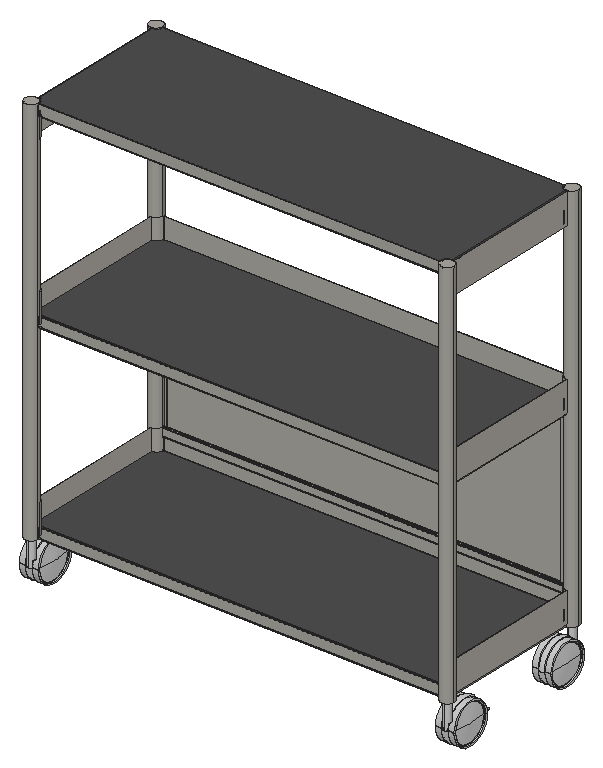
Revit family "Storage-Teknion-CQCST_Routes_Shared_Tote-R2018", category Furniture, Revit 2018
Family settings
  OmniClass Number = 23.40.20.00
  OmniClass Title = General Furniture and Specialties
  Work Plane-Based = No
  Always vertical = Yes
  Cut with Voids When Loaded = No
  Shared = Yes
  Room Calculation Point = No
Parameters (values of type "42" Height, Perforated Back Panel")
  Warranty = "http://www.teknion.com/ca/papers/legal-canada"
  Unit Weight URL = "http://www.teknion.com/ca/tools/assets#&asset=bee6a381-b954-425e-8283-5a2de3a804f2,f828d448-4b62-4231-9e5f-9a8991c0ed77"
  URL = "www.teknion.com"
  To render please download texture images found here [instance] = "https://assets.teknion.com/web/5e81352c1dfdb467/revit-material-swatches/"
  Sustainability Data = "https://www.teknion.com/ca/tools/assets#&topic=216f99a5-57a0-44fc-b10a-9dee9b29ae4c&asset=444deb64-fe58-4b68-981e-f75e97781df7,b4ff2d81-9f2e-437d-9659-7cffb09c31cf"
  Surface Finish [instance] = Foundation Laminate-Teknion-6K-Matte-Black
  Series = "Routes"  # constant formula
  Product Page URL = "https://www.teknion.com/ca/products/all-products"
  Product Line = "Routes"  # constant formula
  Product Documentation Link = "https://assets.teknion.com/m/72af4764f50e983c/original/Routes-Reference-Guide.pdf"
  Part Number = "CQCST"  # constant formula
  Model = "CQCST42P"  # constant formula
  Metal Frame Finish [instance] = Paint - Teknion - Mica - Titanium Grey
  Manufacturer Phone = "416-661-3370"  # constant formula
  Manufacturer Fax = "416.661.4586"  # constant formula
  Manufacturer Contact Information = "http://www.teknion.com/ca/contactus"
  Manufacturer Address = "1150 Flint Road, Toronto, ON. M3J 2J5. Canada"  # constant formula
  Manufacturer = "Teknion"  # constant formula
  How To Use Teknion Materials User Guide [instance] = "https://assets.teknion.com/m/205dd0a49fa58060/original/How-to-add-a-Material-Library-and-Texture-Images-to-your-Revit-project.pdf"
  Height = 42.000"  # constant formula
  For Additional Finishes please visit [instance] = "https://assets.teknion.com/m/44a8009b046e5d47/original/Teknion_Materials_Library.zip"
  Description = "Routes Shared Tote, 42\" Height, Perforated Back Panel"
  Assembly Code = "E2020200"
Reference planes (in)
  plane 1 "Center Front/Back": y = 0
  plane 2: z = 0
  plane 3 "Center Left/Right": x = 0
  plane 4 "Left": x = -20.62815
  plane 5 "Right": x = 20.62815
  plane 6 "Back": y = 8.12759
  plane 7 "Front": y = -8.12759
  plane 8 "Top": z = 42
  plane 9 "Wheel Center": z = 1.96851
Forms (in)
  Sweep 1, solid, material "Paint - Teknion - Mica - Titanium Grey" <- "Metal Frame Finish"
    path origin (0, 0, 0) x (1, 0, 0) y (0, 0, 1)
      loop
        line (0, 4.45899) -> (0, 42)
    profile origin (0, 0, 23.2295) x (-1, 0, 0) y (0, -1, 0)
      loop
        circle (20, -7.49944) r 0.62815
      loop
        circle (-20, -7.49944) r 0.62815
      loop
        circle (20, 7.49944) r 0.62815
      loop
        circle (-20, 7.49944) r 0.62815
  Sweep 2, solid, material "Paint - Teknion - Mica - Titanium Grey" <- "Metal Frame Finish"
    path origin (0, 0, 0) x (1, 0, 0) y (0, 0, 1)
      loop
        line (0, 41.93899) -> (0, 4.68399)
    profile origin (0, 0, 23.31149) x (0, -1, 0) y (1, 0, 0)
      loop
        line (-6.87129, -20) -> (6.87129, -20)
        arc (6.87129, -20) -> (7.02308, -19.59211) -> (7.40526, -19.3839) r 0.62127
        line (7.40526, -19.3839) -> (7.39424, -19.30971)
        arc (7.39424, -19.30971) -> (6.99164, -19.51541) -> (6.80023, -19.925) r 0.69627
        line (6.80023, -19.925) -> (-6.80023, -19.925)
        arc (-6.80023, -19.925) -> (-6.99164, -19.51541) -> (-7.39424, -19.30971) r 0.69627
        line (-7.39424, -19.30971) -> (-7.40526, -19.3839)
        arc (-7.40526, -19.3839) -> (-7.02308, -19.59211) -> (-6.87129, -20) r 0.62127
      loop
        arc (-6.87129, 20) -> (-7.02308, 19.59211) -> (-7.40526, 19.3839) r 0.62127
        line (-7.40526, 19.3839) -> (-7.39424, 19.30971)
        arc (-7.39424, 19.30971) -> (-6.99164, 19.51541) -> (-6.80023, 19.925) r 0.69627
        line (-6.80023, 19.925) -> (6.80023, 19.925)
        arc (6.80023, 19.925) -> (6.99164, 19.51541) -> (7.39424, 19.30971) r 0.69627
        line (7.39424, 19.30971) -> (7.40526, 19.3839)
        arc (7.40526, 19.3839) -> (7.02308, 19.59211) -> (6.87129, 20) r 0.62127
        line (6.87129, 20) -> (-6.87129, 20)
  Sweep 3, void
    path origin (0, 0, 0) x (1, 0, 0) y (0, 1, 0)
      loop
        line (-20.62815, 0) -> (20.62815, 0)
    profile origin (0, 0, 0) x (0, 1, 0) y (0, 0, 1)
      loop
        line (8.12759, 38.93899) -> (-8.12759, 38.93899) -> (-8.12759, 25.73649) -> (8.12759, 25.73649) -> (8.12759, 38.93899)
      loop
        line (8.12759, 7.53399) -> (8.12759, 22.88649) -> (-8.12759, 22.88649) -> (-8.12759, 7.53399) -> (8.12759, 7.53399)
  Sweep 4, solid, material "Paint - Teknion - Mica - Titanium Grey" <- "Metal Frame Finish"
    path origin (0, 0, 0) x (1, 0, 0) y (0, 1, 0)
      loop
        line (-19.355, 0) -> (19.355, 0)
    profile origin (0, 0, 0) x (0, 1, 0) y (0, 0, 1)
      loop
        line (6.35, 22.67649) -> (7.409, 22.67649)
        arc (7.409, 22.67649) -> (7.47335, 22.70315) -> (7.5, 22.76749) r 0.091
        line (7.5, 22.76749) -> (7.5, 25.73649) -> (7.44, 25.73649) -> (7.44, 22.73649) -> (6.35, 22.73649) -> (6.35, 22.67649)
      loop
        line (6.35, 4.45899) -> (7.409, 4.45899)
        arc (7.409, 4.45899) -> (7.48395, 4.49004) -> (7.515, 4.56499) r 0.106
        line (7.515, 4.56499) -> (7.515, 7.53399) -> (7.44, 7.53399) -> (7.44, 4.53399) -> (6.35, 4.53399) -> (6.35, 4.45899)
      loop
        line (-6.35, 22.67649) -> (-6.35, 22.73649) -> (-7.44, 22.73649) -> (-7.44, 23.73649) -> (-7.5, 23.73649) -> (-7.5, 22.76749)
        arc (-7.5, 22.76749) -> (-7.47335, 22.70315) -> (-7.409, 22.67649) r 0.091
        line (-7.409, 22.67649) -> (-6.35, 22.67649)
      loop
        line (-6.35, 4.47399) -> (-6.35, 4.53399) -> (-7.44, 4.53399) -> (-7.44, 5.53399) -> (-7.5, 5.53399) -> (-7.5, 4.56499)
        arc (-7.5, 4.56499) -> (-7.47335, 4.50065) -> (-7.409, 4.47399) r 0.091
        line (-7.409, 4.47399) -> (-6.35, 4.47399)
      loop
        line (-6.35, 40.87899) -> (-6.35, 40.93899) -> (-7.44, 40.93899) -> (-7.44, 41.93899) -> (-7.5, 41.93899) -> (-7.5, 40.96999)
        arc (-7.5, 40.96999) -> (-7.47335, 40.90565) -> (-7.409, 40.87899) r 0.091
        line (-7.409, 40.87899) -> (-6.35, 40.87899)
  Sweep 5, solid, material "Paint - Teknion - Mica - Titanium Grey" <- "Metal Frame Finish"
    path origin (0, 0, 0) x (1, 0, 0) y (0, 1, 0)
      loop
        line (0, -6.77314) -> (0, 6.77314)
    profile origin (0, 0, 0) x (-1, 0, 0) y (0, 0, 1)
      loop
        line (20, 22.88649) -> (19.925, 22.88649) -> (19.925, 22.73649) -> (18.85, 22.73649) -> (18.85, 22.66149) -> (19.894, 22.66149)
        arc (19.894, 22.66149) -> (19.96895, 22.69254) -> (20, 22.76749) r 0.106
        line (20, 22.76749) -> (20, 22.88649)
      loop
        line (20, 4.68399) -> (19.925, 4.68399) -> (19.925, 4.53399) -> (18.85, 4.53399) -> (18.85, 4.45899) -> (19.894, 4.45899)
        arc (19.894, 4.45899) -> (19.96895, 4.49004) -> (20, 4.56499) r 0.106
        line (20, 4.56499) -> (20, 4.68399)
      loop
        line (19.925, 40.18899) -> (19.925, 40.84912)
        arc (19.925, 40.84912) -> (19.89868, 40.91267) -> (19.83513, 40.93899) r 0.08987
        line (19.83513, 40.93899) -> (18.775, 40.93899) -> (18.775, 40.87899) -> (19.865, 40.87899) -> (19.865, 40.18899) -> (19.925, 40.18899)
      loop
        line (-20, 22.88649) -> (-20, 22.76749)
        arc (-20, 22.76749) -> (-19.96895, 22.69254) -> (-19.894, 22.66149) r 0.106
        line (-19.894, 22.66149) -> (-18.85, 22.66149) -> (-18.85, 22.73649) -> (-19.925, 22.73649) -> (-19.925, 22.88649) -> (-20, 22.88649)
      loop
        line (-20, 4.68399) -> (-20, 4.56499)
        arc (-20, 4.56499) -> (-19.96895, 4.49004) -> (-19.894, 4.45899) r 0.106
        line (-19.894, 4.45899) -> (-18.85, 4.45899) -> (-18.85, 4.53399) -> (-19.925, 4.53399) -> (-19.925, 4.68399) -> (-20, 4.68399)
      loop
        line (-19.925, 40.18899) -> (-19.865, 40.18899) -> (-19.865, 40.87899) -> (-18.775, 40.87899) -> (-18.775, 40.93899) -> (-19.83513, 40.93899)
        arc (-19.83513, 40.93899) -> (-19.89868, 40.91267) -> (-19.925, 40.84912) r 0.08987
        line (-19.925, 40.84912) -> (-19.925, 40.18899)
  Sweep 6, void
    path origin (0, 0, 0) x (1, 0, 0) y (0, 0, 1)
      loop
        line (0, 0) -> (0, 25.73649)
    profile origin (0, 0, 12.86825) x (-1, 0, 0) y (0, -1, 0)
      loop
        line (19.95159, -7.12473) -> (18.53738, -5.71051) -> (18.53738, -7.12473) -> (19.95159, -7.12473)
      loop
        line (-19.95159, -7.12473) -> (-18.53738, -7.12473) -> (-18.53738, -5.71051) -> (-19.95159, -7.12473)
      loop
        line (19.95159, 7.12473) -> (18.53738, 7.12473) -> (18.53738, 5.71051) -> (19.95159, 7.12473)
      loop
        line (-19.95159, 7.12473) -> (-18.53738, 5.71051) -> (-18.53738, 7.12473) -> (-19.95159, 7.12473)
  Sweep 7, void
    path origin (0, 0, 0) x (1, 0, 0) y (0, 0, 1)
      loop
        line (0, 0) -> (0, 42)
    profile origin (0, 0, 21) x (-1, 0, 0) y (0, -1, 0)
      loop
        line (19.605, 7.6) -> (18.00145, 5.99645) -> (19.605, 5.99645) -> (19.605, 7.6)
      loop
        line (-19.605, 7.6) -> (-19.605, 5.99645) -> (-18.00145, 5.99645) -> (-19.605, 7.6)
  Sweep 8, void
    path origin (0, 0, 0) x (1, 0, 0) y (0, 0, 1)
      loop
        line (0, 25.73649) -> (0, 0)
    profile origin (0, 0, 12.86825) x (0, -1, 0) y (1, 0, 0)
      loop
        line (-7.1, -19.355) -> (-6.35, -19.355) -> (-6.35, -18.605) -> (-7.1, -19.355)
      loop
        line (-7.1, 19.355) -> (-6.35, 18.605) -> (-6.35, 19.355) -> (-7.1, 19.355)
  Sweep 9, void
    path origin (0, 0, 0) x (1, 0, 0) y (0, 0, 1)
      loop
        line (0, 37.68899) -> (0, 42)
    profile origin (0, 0, 39.8445) x (-1, 0, 0) y (0, -1, 0)
      loop
        line (19.925, -6.5) -> (19.275, -6.5) -> (18.775, -6) -> (18.775, -7.42058) -> (19.925, -7.42058) -> (19.925, -6.5)
      loop
        line (19.925, 6.5) -> (19.925, 7.42058) -> (18.775, 7.42058) -> (18.775, 6) -> (19.275, 6.5) -> (19.925, 6.5)
      loop
        line (-19.925, -6.5) -> (-19.925, -7.42058) -> (-18.775, -7.42058) -> (-18.775, -6) -> (-19.275, -6.5) -> (-19.925, -6.5)
      loop
        line (-19.925, 6.5) -> (-19.275, 6.5) -> (-18.775, 6) -> (-18.775, 7.42058) -> (-19.925, 7.42058) -> (-19.925, 6.5)
  Sweep 10, solid, material "Paint - Teknion - Mica - Titanium Grey" <- "Metal Frame Finish"
    path origin (0, 0, 0) x (1, 0, 0) y (0, 1, 0)
      loop
        line (-19.355, 0) -> (19.355, 0)
    profile origin (0, 0, 0) x (0, 1, 0) y (0, 0, 1)
      loop
        line (7.5, 41.93899) -> (7.44, 41.93899) -> (7.44, 38.93899) -> (7.5, 38.93899) -> (7.5, 41.93899)
  Sweep 11, solid, material "Paint - Teknion - Mica - Titanium Grey" <- "Metal Frame Finish"
    path origin (0, 0, 0) x (1, 0, 0) y (0, 1, 0)
      loop
        line (-19.28, 0) -> (19.28, 0)
    profile origin (0, 0, 0) x (0, 1, 0) y (0, 0, 1)
      loop
        line (6.29, 40.93899) -> (6.29, 40.87899) -> (7.38, 40.87899) -> (7.38, 40.18899) -> (7.44, 40.18899) -> (7.44, 40.93899) -> (6.29, 40.93899)
  Sweep 12, void
    path origin (0, 0, 0) x (1, 0, 0) y (0, 0, 1)
      loop
        line (0, 41.93899) -> (0, 40.84799)
    profile origin (0, 0, 41.39349) x (0, -1, 0) y (1, 0, 0)
      loop
        line (-7.29, -19.03) -> (-7.54, -19.03) -> (-7.54, -19.28) -> (-6, -19.28) -> (-6, -17.74) -> (-7.29, -19.03)
      loop
        line (-7.29, 19.03) -> (-6, 17.74) -> (-6, 19.28) -> (-7.54, 19.28) -> (-7.54, 19.03) -> (-7.29, 19.03)
  Sweep 13, solid, material "Paint - Teknion - Mica - Titanium Grey" <- "Metal Frame Finish"
    path origin (0, 0, 0) x (1, 0, 0) y (0, 1, 0)
      loop
        line (-19.355, 0) -> (19.355, 0)
    profile origin (0, 0, 0) x (0, 1, 0) y (0, 0, 1)
      loop
        line (6.35, 22.67277) -> (6.35, 22.62477) -> (7.492, 22.62477) -> (7.492, 7.70924)
        arc (7.492, 7.70924) -> (7.48785, 7.69374) -> (7.4765, 7.68239) r 0.031
        line (7.4765, 7.68239) -> (7.4315, 7.65641)
        arc (7.4315, 7.65641) -> (7.40258, 7.62749) -> (7.392, 7.58799) r 0.079
        line (7.392, 7.58799) -> (7.392, 6.90794) -> (7.44, 6.90794) -> (7.44, 7.58799)
        arc (7.44, 7.58799) -> (7.44415, 7.60349) -> (7.4555, 7.61484) r 0.031
        line (7.4555, 7.61484) -> (7.5005, 7.64082)
        arc (7.5005, 7.64082) -> (7.52942, 7.66974) -> (7.54, 7.70924) r 0.079
        line (7.54, 7.70924) -> (7.54, 22.59377)
        arc (7.54, 22.59377) -> (7.51686, 22.64963) -> (7.461, 22.67277) r 0.079
        line (7.461, 22.67277) -> (6.35, 22.67277)
  Sweep 14, solid, material "Paint - Teknion - Mica - Titanium Grey" <- "Metal Frame Finish"
    path origin (0, 0, 0) x (1, 0, 0) y (0, 1, 0)
      loop
        line (-19.28, 0) -> (19.28, 0)
    profile origin (0, 0, 0) x (0, 1, 0) y (0, 0, 1)
      loop
        line (7.327, 7.53399) -> (7.327, 6.85623) -> (7.392, 6.7552) -> (7.392, 5.68399) -> (7.44, 5.68399) -> (7.44, 6.7552) -> (7.375, 6.85623) -> (7.375, 7.53399) -> (7.327, 7.53399)
  Sweep 15, solid, material "Paint - Teknion - Mica - Titanium Grey" <- "Metal Frame Finish"
    path origin (0, 0, 0) x (1, 0, 0) y (0, 0, 1)
      loop
        line (0, 22.34377) -> (0, 7.70924)
    profile origin (0, 0, 15.0265) x (0, -1, 0) y (1, 0, 0)
      loop
        line (-7.5, -18.98) -> (-7.5, -19.355) -> (-7.44, -19.355) -> (-7.44, -18.98) -> (-7.5, -18.98)
      loop
        line (-7.5, 18.98) -> (-7.44, 18.98) -> (-7.44, 19.355) -> (-7.5, 19.355) -> (-7.5, 18.98)
  Sweep 16, solid, material "Foundation Laminate-Teknion-6K-Matte-Black" <- "Surface Finish"
    path origin (0, 0, 0) x (1, 0, 0) y (0, 0, 1)
      loop
        line (0, 4.53399) -> (0, 42)
    profile origin (0, 0, 23.267) x (-1, 0, 0) y (0, -1, 0)
      loop
        line (19.925, -6.77135) -> (19.925, 6.77135)
        arc (19.925, 6.77135) -> (19.47675, 6.9874) -> (19.26996, 7.44) r 0.7325
        line (19.26996, 7.44) -> (-19.26996, 7.44)
        arc (-19.26996, 7.44) -> (-19.47675, 6.9874) -> (-19.925, 6.77135) r 0.7325
        line (-19.925, 6.77135) -> (-19.925, -6.77135)
        arc (-19.925, -6.77135) -> (-19.47675, -6.9874) -> (-19.26996, -7.44) r 0.7325
        line (-19.26996, -7.44) -> (19.26996, -7.44)
        arc (19.26996, -7.44) -> (19.47675, -6.9874) -> (19.925, -6.77135) r 0.7325
  Sweep 17, void
    path origin (0, 0, 0) x (1, 0, 0) y (0, 1, 0)
      loop
        line (-20.62815, 0) -> (20.62815, 0)
    profile origin (0, 0, 0) x (0, 1, 0) y (0, 0, 1)
      loop
        line (8.12759, 5.59399) -> (8.12759, 22.73649) -> (-8.12759, 22.73649) -> (-8.12759, 5.59399) -> (8.12759, 5.59399)
      loop
        line (8.12759, 23.79649) -> (8.12759, 40.93899) -> (-8.12759, 40.93899) -> (-8.12759, 23.79649) -> (8.12759, 23.79649)
  Sweep 18, solid, material "Plastic - Teknion - 30 - Grey"
    path origin (0, 0, 0) x (1, 0, 0) y (0, 0, 1)
      loop
        line (0, 4.29149) -> (0, 1.96851)
    profile origin (0, 0, 3.13) x (0, -1, 0) y (1, 0, 0)
      loop
        circle (-7.49944, -20) r 0.36
      loop
        circle (-7.49944, 20) r 0.36
      loop
        circle (7.49944, -20) r 0.36
      loop
        circle (7.49944, 20) r 0.36
  Revolve 19, solid, material "Plastic - Teknion - 30 - Grey"
    sketch origin (0, 0, 1.96851) x (-1, 0, 0) y (0, -1, 0)
      loop
        line (20.325, -7.78121) -> (20.89, -7.78121) -> (20.89, -7.67894) -> (20.715, -7.63205) -> (20.715, -7.57177)
        arc (20.715, -7.57177) -> (20.81885, -6.6979) -> (20.85315, -5.81855) r 11.10016
        line (20.85315, -5.81855) -> (20.325, -5.81855) -> (20.325, -7.78121)
      loop
        line (19.675, -7.78121) -> (19.675, -5.81855) -> (19.14685, -5.81855)
        arc (19.14685, -5.81855) -> (19.18115, -6.6979) -> (19.285, -7.57177) r 11.10016
        line (19.285, -7.57177) -> (19.285, -7.63205) -> (19.11, -7.67894) -> (19.11, -7.78121) -> (19.675, -7.78121)
      loop
        line (-20.325, -7.78121) -> (-20.325, -5.81855) -> (-20.85315, -5.81855)
        arc (-20.85315, -5.81855) -> (-20.81885, -6.6979) -> (-20.715, -7.57177) r 11.10016
        line (-20.715, -7.57177) -> (-20.715, -7.63205) -> (-20.89, -7.67894) -> (-20.89, -7.78121) -> (-20.325, -7.78121)
      loop
        line (-19.675, -7.78121) -> (-19.11, -7.78121) -> (-19.11, -7.67894) -> (-19.285, -7.63205) -> (-19.285, -7.57177)
        arc (-19.285, -7.57177) -> (-19.18115, -6.6979) -> (-19.14685, -5.81855) r 11.10016
        line (-19.14685, -5.81855) -> (-19.675, -5.81855) -> (-19.675, -7.78121)
      axis (20.89, -5.81855) -> (-20.89, -5.81855)
    angle from 0 to 360
  Revolve 20, solid, material "Plastic - Teknion - 30 - Grey"
    sketch origin (0, 0, 1.96851) x (-1, 0, 0) y (0, 1, 0)
      loop
        line (20.325, -7.78121) -> (20.89, -7.78121) -> (20.89, -7.67894) -> (20.715, -7.63205) -> (20.715, -7.57177)
        arc (20.715, -7.57177) -> (20.81885, -6.6979) -> (20.85315, -5.81855) r 11.10016
        line (20.85315, -5.81855) -> (20.325, -5.81855) -> (20.325, -7.78121)
      loop
        line (19.675, -7.78121) -> (19.675, -5.81855) -> (19.14685, -5.81855)
        arc (19.14685, -5.81855) -> (19.18115, -6.6979) -> (19.285, -7.57177) r 11.10016
        line (19.285, -7.57177) -> (19.285, -7.63205) -> (19.11, -7.67894) -> (19.11, -7.78121) -> (19.675, -7.78121)
      loop
        line (-20.325, -7.78121) -> (-20.325, -5.81855) -> (-20.85315, -5.81855)
        arc (-20.85315, -5.81855) -> (-20.81885, -6.6979) -> (-20.715, -7.57177) r 11.10016
        line (-20.715, -7.57177) -> (-20.715, -7.63205) -> (-20.89, -7.67894) -> (-20.89, -7.78121) -> (-20.325, -7.78121)
      loop
        line (-19.675, -7.78121) -> (-19.11, -7.78121) -> (-19.11, -7.67894) -> (-19.285, -7.63205) -> (-19.285, -7.57177)
        arc (-19.285, -7.57177) -> (-19.18115, -6.6979) -> (-19.14685, -5.81855) r 11.10016
        line (-19.14685, -5.81855) -> (-19.675, -5.81855) -> (-19.675, -7.78121)
      axis (20.89, -5.81855) -> (-20.89, -5.81855)
    angle from 0 to 360
  Sweep 21, solid, material "Plastic - Teknion - 30 - Grey"
    path origin (0, 0, 0) x (0, 1, 0) y (0, 0, 1)
      loop
        arc (3.91005, 1.96851) -> (5.7945, 3.85296) -> (7.67894, 1.96851) r 1.88445
    profile origin (0, 3.91005, 1.96851) x (0, -1, 0) y (1, 0, 0)
      loop
        line (0, -20.285) -> (0.07242, -20.285)
        arc (0.07242, -20.285) -> (0.17605, -20) -> (0.07242, -19.715) r 0.44374
        line (0.07242, -19.715) -> (0, -19.715) -> (0, -20.285)
      loop
        line (0, 20.285) -> (0, 19.715) -> (0.07242, 19.715)
        arc (0.07242, 19.715) -> (0.17605, 20) -> (0.07242, 20.285) r 0.44374
        line (0.07242, 20.285) -> (0, 20.285)
  Sweep 22, solid, material "Plastic - Teknion - 30 - Grey"
    path origin (0, 0, 0) x (0, -1, 0) y (0, 0, 1)
      loop
        arc (3.91005, 1.96851) -> (5.7945, 3.85296) -> (7.67894, 1.96851) r 1.88445
    profile origin (0, -3.91005, 1.96851) x (0, -1, 0) y (1, 0, 0)
      loop
        line (0, -20.285) -> (0, -19.715) -> (-0.07242, -19.715)
        arc (-0.07242, -19.715) -> (-0.17605, -20) -> (-0.07242, -20.285) r 0.44374
        line (-0.07242, -20.285) -> (0, -20.285)
      loop
        line (0, 20.285) -> (-0.07242, 20.285)
        arc (-0.07242, 20.285) -> (-0.17605, 20) -> (-0.07242, 19.715) r 0.44374
        line (-0.07242, 19.715) -> (0, 19.715) -> (0, 20.285)
  Sweep 23, solid, material "Plastic - Teknion - 30 - Grey"
    path origin (0, 0, 1.96851) x (-1, 0, 0) y (0, -1, 0)
      loop
        line (20.1875, 0) -> (19.8125, 0)
    profile origin (-20, 0, 1.96851) x (0, 1, 0) y (0, 0, 1)
      loop
        line (-3.30613, -0.06057) -> (-3.69055, 0.14677) -> (-3.69055, -0.22165)
        arc (-3.69055, -0.22165) -> (-3.84094, -0.4154) -> (-4.06594, -0.31777) r 0.2
        line (-4.06594, -0.31777) -> (-4.50256, 0.47898) -> (-5.81855, 0) -> (-4.38344, -0.82856)
        arc (-4.38344, -0.82856) -> (-3.82853, -0.8521) -> (-3.49205, -0.41022) r 0.6
        line (-3.49205, -0.41022) -> (-3.30613, -0.06057)
  Sweep 24, solid, material "Plastic - Teknion - 30 - Grey"
    path origin (0, 0, 1.96851) x (1, 0, 0) y (0, -1, 0)
      loop
        line (20.1875, 0) -> (19.8125, 0)
    profile origin (20, 0, 1.96851) x (0, -1, 0) y (0, 0, 1)
      loop
        line (3.30613, -0.06057) -> (3.49205, -0.41022)
        arc (3.49205, -0.41022) -> (3.82853, -0.8521) -> (4.38344, -0.82856) r 0.6
        line (4.38344, -0.82856) -> (5.81855, 0) -> (4.50256, 0.47898) -> (4.06594, -0.31777)
        arc (4.06594, -0.31777) -> (3.84094, -0.4154) -> (3.69055, -0.22165) r 0.2
        line (3.69055, -0.22165) -> (3.69055, 0.14677) -> (3.30613, -0.06057)
  Sweep 25, solid, material "Plastic - Teknion - 30 - Grey"
    path origin (0, 0, 1.96851) x (-1, 0, 0) y (0, -1, 0)
      loop
        line (20.4375, 0) -> (19.5625, 0)
    profile origin (-20, 0, 1.96851) x (0, 1, 0) y (0, 0, 1)
      loop
        line (-3.69851, 0.15106) -> (-3.10881, -0.16699)
        arc (-3.10881, -0.16699) -> (-3.04711, -0.16565) -> (-3.01664, -0.11199) r 0.0625
        arc (-3.01664, -0.11199) -> (-3.02547, -0.07995) -> (-3.04947, -0.05698) r 0.0625
        line (-3.04947, -0.05698) -> (-3.58779, 0.23337)
        arc (-3.58779, 0.23337) -> (-3.63668, 0.45963) -> (-3.69647, 0.68325) r 4.77067
        arc (-3.69647, 0.68325) -> (-3.74162, 0.76279) -> (-3.81745, 0.81391) r 0.2
        arc (-3.81745, 0.81391) -> (-3.84774, 0.80779) -> (-3.85531, 0.77782) r 0.029
        arc (-3.85531, 0.77782) -> (-3.766, 0.46717) -> (-3.69851, 0.15106) r 4.64689
  Sweep 26, solid, material "Plastic - Teknion - 30 - Grey"
    path origin (0, 0, 1.96851) x (1, 0, 0) y (0, -1, 0)
      loop
        line (20.4375, 0) -> (19.5625, 0)
    profile origin (20, 0, 1.96851) x (0, -1, 0) y (0, 0, 1)
      loop
        arc (3.69851, 0.15106) -> (3.766, 0.46717) -> (3.85531, 0.77782) r 4.64689
        arc (3.85531, 0.77782) -> (3.84774, 0.80779) -> (3.81745, 0.81391) r 0.029
        arc (3.81745, 0.81391) -> (3.74162, 0.76279) -> (3.69647, 0.68325) r 0.2
        arc (3.69647, 0.68325) -> (3.63668, 0.45963) -> (3.58779, 0.23337) r 4.77067
        line (3.58779, 0.23337) -> (3.04947, -0.05698)
        arc (3.04947, -0.05698) -> (3.02547, -0.07995) -> (3.01664, -0.11199) r 0.0625
        arc (3.01664, -0.11199) -> (3.04711, -0.16565) -> (3.10881, -0.16699) r 0.0625
        line (3.10881, -0.16699) -> (3.69851, 0.15106)
  Sweep 27, solid, material "Plastic - Teknion - 30 - Grey"
    path origin (0, 0, 0) x (1, 0, 0) y (0, 0, 1)
      loop
        line (0, 4.29149) -> (0, 4.45899)
    profile origin (0, 0, 4.37524) x (-1, 0, 0) y (0, -1, 0)
      loop
        circle (20, -7.49944) r 0.2
      loop
        circle (20, 7.49944) r 0.2
      loop
        circle (-20, -7.49944) r 0.2
      loop
        circle (-20, 7.49944) r 0.2
Cuts and joins
  Sweep 3 cuts Sweep 2
  Sweep 6, Sweep 9 cuts Sweep 5
  joined: Sweep 2, Sweep 5
  Sweep 7, Sweep 8 cuts Sweep 4
  Sweep 12 cuts Sweep 11
  Sweep 8 cuts Sweep 13
  Sweep 17 cuts Sweep 16
Lines and regions (in)
  Masking region 1
    outline origin (0, 0, 1.96851) x (-1, 0, 0) y (0, -1, 0)
      loop
        arc (19.26996, -7.44) -> (19.47675, -6.9874) -> (19.925, -6.77135) r 0.7325
        line (19.925, -6.77135) -> (19.925, 6.77135)
        arc (19.925, 6.77135) -> (19.47675, 6.9874) -> (19.26996, 7.44) r 0.7325
        line (19.26996, 7.44) -> (-19.26996, 7.44)
        arc (-19.26996, 7.44) -> (-19.47675, 6.9874) -> (-19.925, 6.77135) r 0.7325
        line (-19.925, 6.77135) -> (-19.925, -6.77135)
        arc (-19.925, -6.77135) -> (-19.47675, -6.9874) -> (-19.26996, -7.44) r 0.7325
        line (-19.26996, -7.44) -> (19.26996, -7.44)
  Masking region 2
    outline origin (0, 0, 1.96851) x (-1, 0, 0) y (0, -1, 0)
      loop
        circle (20, -7.49944) r 0.62815
      loop
        circle (20, 7.49944) r 0.62815
      loop
        circle (-20, 7.49944) r 0.62815
      loop
        circle (-20, -7.49944) r 0.62815
  Masking region 3
    outline origin (0, 0, 1.96851) x (-1, 0, 0) y (0, -1, 0)
      loop
        arc (19.925, -6.80023) -> (19.51541, -6.99164) -> (19.30971, -7.39424) r 0.69627
        line (19.30971, -7.39424) -> (19.3839, -7.40526)
        arc (19.3839, -7.40526) -> (19.59211, -7.02308) -> (20, -6.87129) r 0.62127
        line (20, -6.87129) -> (20, 6.87129)
        arc (20, 6.87129) -> (19.59211, 7.02308) -> (19.3839, 7.40526) r 0.62127
        line (19.3839, 7.40526) -> (19.30971, 7.39424)
        arc (19.30971, 7.39424) -> (19.51541, 6.99164) -> (19.925, 6.80023) r 0.69627
        line (19.925, 6.80023) -> (19.925, -6.80023)
      loop
        arc (-19.30971, -7.39424) -> (-19.51541, -6.99164) -> (-19.925, -6.80023) r 0.69627
        line (-19.925, -6.80023) -> (-19.925, 6.80023)
        arc (-19.925, 6.80023) -> (-19.51541, 6.99164) -> (-19.30971, 7.39424) r 0.69627
        line (-19.30971, 7.39424) -> (-19.3839, 7.40526)
        arc (-19.3839, 7.40526) -> (-19.59211, 7.02308) -> (-20, 6.87129) r 0.62127
        line (-20, 6.87129) -> (-20, -6.87129)
        arc (-20, -6.87129) -> (-19.59211, -7.02308) -> (-19.3839, -7.40526) r 0.62127
        line (-19.3839, -7.40526) -> (-19.30971, -7.39424)
  Masking region 4
    outline origin (0, 0, 1.96851) x (-1, 0, 0) y (0, -1, 0)
      loop
        line (19.355, -7.44) -> (-19.355, -7.44) -> (-19.355, -7.5) -> (19.355, -7.5) -> (19.355, -7.44)
  Masking region 5
    outline origin (0, 0, 1.96851) x (-1, 0, 0) y (0, -1, 0)
      loop
        line (19.355, -7.5005) -> (-19.355, -7.5005) -> (-19.355, -7.54) -> (19.355, -7.54) -> (19.355, -7.5005)
  Masking region 6
    outline origin (0, 0, 1.96851) x (-1, 0, 0) y (0, -1, 0)
      loop
        line (20.89, -7.78121) -> (20.89, -3.85589) -> (20.325, -3.85589) -> (20.325, -6.9619)
        arc (20.325, -6.9619) -> (20.60353, -7.32529) -> (20.56141, -7.78121) r 0.62815
        line (20.56141, -7.78121) -> (20.89, -7.78121)
      loop
        line (20.285, -6.93966) -> (20.285, -3.83762)
        arc (20.285, -3.83762) -> (20.15163, -3.76071) -> (20, -3.734) r 0.44374
        line (20, -3.734) -> (20, -6.87129)
        arc (20, -6.87129) -> (20.14654, -6.88862) -> (20.285, -6.93966) r 0.62815
      loop
        line (19.11, -7.78121) -> (19.43859, -7.78121)
        arc (19.43859, -7.78121) -> (19.39375, -7.66389) -> (19.37316, -7.54) r 0.62815
        line (19.37316, -7.54) -> (19.11, -7.54) -> (19.11, -7.78121)
      loop
        line (-20.89, -7.78121) -> (-20.56141, -7.78121)
        arc (-20.56141, -7.78121) -> (-20.60353, -7.32529) -> (-20.325, -6.9619) r 0.62815
        line (-20.325, -6.9619) -> (-20.325, -3.85589) -> (-20.89, -3.85589) -> (-20.89, -7.78121)
      loop
        arc (-20.285, -6.93966) -> (-20.14654, -6.88862) -> (-20, -6.87129) r 0.62815
        line (-20, -6.87129) -> (-20, -3.734)
        arc (-20, -3.734) -> (-20.15163, -3.76071) -> (-20.285, -3.83762) r 0.44374
        line (-20.285, -3.83762) -> (-20.285, -6.93966)
      loop
        line (-19.11, -7.78121) -> (-19.11, -7.54) -> (-19.37316, -7.54)
        arc (-19.37316, -7.54) -> (-19.39375, -7.66389) -> (-19.43859, -7.78121) r 0.62815
        line (-19.43859, -7.78121) -> (-19.11, -7.78121)
      loop
        line (20.89, 7.78121) -> (20.56141, 7.78121)
        arc (20.56141, 7.78121) -> (20.60353, 7.32529) -> (20.325, 6.9619) r 0.62815
        line (20.325, 6.9619) -> (20.325, 3.85589) -> (20.89, 3.85589) -> (20.89, 7.78121)
      loop
        arc (20.285, 6.93966) -> (20.14654, 6.88862) -> (20, 6.87129) r 0.62815
        line (20, 6.87129) -> (20, 3.734)
        arc (20, 3.734) -> (20.15163, 3.76071) -> (20.285, 3.83762) r 0.44374
        line (20.285, 3.83762) -> (20.285, 6.93966)
      loop
        line (19.11, 7.78121) -> (19.11, 7.5) -> (19.37185, 7.5)
        arc (19.37185, 7.5) -> (19.38882, 7.64449) -> (19.43859, 7.78121) r 0.62815
        line (19.43859, 7.78121) -> (19.11, 7.78121)
      loop
        line (-20.89, 7.78121) -> (-20.89, 3.85589) -> (-20.325, 3.85589) -> (-20.325, 6.9619)
        arc (-20.325, 6.9619) -> (-20.60353, 7.32529) -> (-20.56141, 7.78121) r 0.62815
        line (-20.56141, 7.78121) -> (-20.89, 7.78121)
      loop
        line (-20.285, 6.93966) -> (-20.285, 3.83762)
        arc (-20.285, 3.83762) -> (-20.15163, 3.76071) -> (-20, 3.734) r 0.44374
        line (-20, 3.734) -> (-20, 6.87129)
        arc (-20, 6.87129) -> (-20.14654, 6.88862) -> (-20.285, 6.93966) r 0.62815
      loop
        line (-19.11, 7.78121) -> (-19.43859, 7.78121)
        arc (-19.43859, 7.78121) -> (-19.38882, 7.64449) -> (-19.37185, 7.5) r 0.62815
        line (-19.37185, 7.5) -> (-19.11, 7.5) -> (-19.11, 7.78121)
  Masking region 7
    outline origin (0, 0, 1.96851) x (-1, 0, 0) y (0, -1, 0)
      loop
        line (20.4375, 3.85589) -> (20.30548, 3.85589)
        arc (20.30548, 3.85589) -> (20.16445, 3.7656) -> (20, 3.734) r 0.44374
        line (20, 3.734) -> (20, 3.01664) -> (20.4375, 3.01664) -> (20.4375, 3.85589)
      loop
        line (-20.4375, 3.85589) -> (-20.4375, 3.01664) -> (-20, 3.01664) -> (-20, 3.734)
        arc (-20, 3.734) -> (-20.16445, 3.7656) -> (-20.30548, 3.85589) r 0.44374
        line (-20.30548, 3.85589) -> (-20.4375, 3.85589)
  Masking region 8
    outline origin (0, 0, 1.96851) x (-1, 0, 0) y (0, -1, 0)
      loop
        line (19.355, 7.5) -> (-19.355, 7.5) -> (-19.355, 7.44) -> (19.355, 7.44) -> (19.355, 7.5)
  symbolic lines, style "FurnitureHiddenLines", detail levels medium+fine
    curve 1: line (-18.355, -6.35, 1.96851) -> (-19.355, -7.35, 1.96851)
    curve 2: line (-19.355, -7.35, 1.96851) -> (-19.355, -7.44, 1.96851)
    curve 3: line (-19.355, -7.44, 1.96851) -> (19.355, -7.44, 1.96851)
    curve 4: line (19.355, -7.44, 1.96851) -> (19.355, -7.35, 1.96851)
    curve 5: line (19.355, -7.35, 1.96851) -> (18.355, -6.35, 1.96851)
    curve 6: line (18.355, -6.35, 1.96851) -> (-18.355, -6.35, 1.96851)
    curve 7: line (-19.355, 7.1, 1.96851) -> (-18.605, 6.35, 1.96851)
    curve 8: line (-18.605, 6.35, 1.96851) -> (18.605, 6.35, 1.96851)
    curve 9: line (18.605, 6.35, 1.96851) -> (19.355, 7.1, 1.96851)
    curve 10: line (19.355, 7.1, 1.96851) -> (19.355, 7.44, 1.96851)
    curve 11: line (19.355, 7.44, 1.96851) -> (-19.355, 7.44, 1.96851)
    curve 12: line (-19.355, 7.44, 1.96851) -> (-19.355, 7.1, 1.96851)
    curve 13: line (-18.85, -6.02314, 1.96851) -> (-18.85, 6.02314, 1.96851)
    curve 14: line (-18.85, 6.02314, 1.96851) -> (-19.6, 6.77314, 1.96851)
    curve 15: line (-19.6, 6.77314, 1.96851) -> (-19.925, 6.77314, 1.96851)
    curve 16: line (-19.925, 6.77314, 1.96851) -> (-19.925, -6.77314, 1.96851)
    curve 17: line (-19.925, -6.77314, 1.96851) -> (-19.6, -6.77314, 1.96851)
    curve 18: line (-19.6, -6.77314, 1.96851) -> (-18.85, -6.02314, 1.96851)
    curve 19: line (18.85, 6.02314, 1.96851) -> (18.85, -6.02314, 1.96851)
    curve 20: line (18.85, -6.02314, 1.96851) -> (19.6, -6.77314, 1.96851)
    curve 21: line (19.6, -6.77314, 1.96851) -> (19.925, -6.77314, 1.96851)
    curve 22: line (19.925, -6.77314, 1.96851) -> (19.925, 6.77314, 1.96851)
    curve 23: line (19.925, 6.77314, 1.96851) -> (19.6, 6.77314, 1.96851)
    curve 24: line (19.6, 6.77314, 1.96851) -> (18.85, 6.02314, 1.96851)
  symbolic lines, style "FurnitureHiddenLines", detail levels fine
    curve 25: arc (-20, 7.85944, 1.96851) -> (-20.36, 7.49944, 1.96851) -> (-20, 7.13944, 1.96851) r 0.36
    curve 26: arc (-20, 7.13944, 1.96851) -> (-19.64, 7.49944, 1.96851) -> (-20, 7.85944, 1.96851) r 0.36
    curve 27: arc (-20, -7.85944, 1.96851) -> (-19.64, -7.49944, 1.96851) -> (-20, -7.13944, 1.96851) r 0.36
    curve 28: arc (-20, -7.13944, 1.96851) -> (-20.36, -7.49944, 1.96851) -> (-20, -7.85944, 1.96851) r 0.36
    curve 29: arc (20, -7.85944, 1.96851) -> (20.36, -7.49944, 1.96851) -> (20, -7.13944, 1.96851) r 0.36
    curve 30: arc (20, -7.13944, 1.96851) -> (19.64, -7.49944, 1.96851) -> (20, -7.85944, 1.96851) r 0.36
    curve 31: arc (20, 7.85944, 1.96851) -> (19.64, 7.49944, 1.96851) -> (20, 7.13944, 1.96851) r 0.36
    curve 32: arc (20, 7.13944, 1.96851) -> (20.36, 7.49944, 1.96851) -> (20, 7.85944, 1.96851) r 0.36
    curve 33: arc (-19.715, 3.83762, 1.96851) -> (-19.84837, 3.76071, 1.96851) -> (-20, 3.734, 1.96851) r 0.44374
    curve 34: line (-19.715, 7.75137, 1.96851) -> (-19.715, 3.83762, 1.96851)
    curve 35: arc (-20.285, 7.75137, 1.96851) -> (-20, 7.85499, 1.96851) -> (-19.715, 7.75137, 1.96851) r 0.44374
    curve 36: line (-20.285, 7.75137, 1.96851) -> (-20.285, 3.83762, 1.96851)
    curve 37: line (-19.675, 7.78121, 1.96851) -> (-19.675, 3.85589, 1.96851)
    curve 38: line (-19.11, 7.54, 1.96851) -> (-19.11, 3.85589, 1.96851)
    curve 39: line (-19.11, 3.85589, 1.96851) -> (-19.675, 3.85589, 1.96851)
    curve 40: line (-19.675, 7.78121, 1.96851) -> (-19.43859, 7.78121, 1.96851)
    curve 41: line (-20.325, 7.78121, 1.96851) -> (-20.325, 3.85589, 1.96851)
    curve 42: line (-20.325, 7.78121, 1.96851) -> (-20.56141, 7.78121, 1.96851)
    curve 43: arc (-19.715, -3.83762, 1.96851) -> (-20, -3.734, 1.96851) -> (-20.285, -3.83762, 1.96851) r 0.44374
    curve 44: line (-19.715, -7.75137, 1.96851) -> (-19.715, -3.83762, 1.96851)
    curve 45: arc (-20.285, -7.75137, 1.96851) -> (-20, -7.85499, 1.96851) -> (-19.715, -7.75137, 1.96851) r 0.44374
    curve 46: line (-20.285, -7.75137, 1.96851) -> (-20.285, -3.83762, 1.96851)
    curve 47: line (-19.675, -7.78121, 1.96851) -> (-19.675, -3.85589, 1.96851)
    curve 48: line (-19.11, -7.78121, 1.96851) -> (-19.11, -3.85589, 1.96851)
    curve 49: line (-19.11, -3.85589, 1.96851) -> (-19.675, -3.85589, 1.96851)
    curve 50: line (-19.675, -7.78121, 1.96851) -> (-19.11, -7.78121, 1.96851)
    curve 51: line (-20.325, -7.78121, 1.96851) -> (-20.325, -3.85589, 1.96851)
    curve 52: line (-20.325, -7.78121, 1.96851) -> (-20.89, -7.78121, 1.96851)
    curve 53: arc (19.715, -3.83762, 1.96851) -> (20, -3.734, 1.96851) -> (20.285, -3.83762, 1.96851) r 0.44374
    curve 54: line (19.715, -7.75137, 1.96851) -> (19.715, -3.83762, 1.96851)
    curve 55: arc (20.285, -7.75137, 1.96851) -> (20, -7.85499, 1.96851) -> (19.715, -7.75137, 1.96851) r 0.44374
    curve 56: line (20.285, -7.75137, 1.96851) -> (20.285, -3.83762, 1.96851)
    curve 57: line (19.675, -7.78121, 1.96851) -> (19.675, -3.85589, 1.96851)
    curve 58: line (19.11, -7.78121, 1.96851) -> (19.11, -3.85589, 1.96851)
    curve 59: line (19.11, -3.85589, 1.96851) -> (19.675, -3.85589, 1.96851)
    curve 60: line (19.675, -7.78121, 1.96851) -> (19.11, -7.78121, 1.96851)
    curve 61: line (20.325, -7.78121, 1.96851) -> (20.325, -3.85589, 1.96851)
    curve 62: line (20.325, -7.78121, 1.96851) -> (20.89, -7.78121, 1.96851)
    curve 63: arc (19.715, 3.83762, 1.96851) -> (20, 3.734, 1.96851) -> (20.285, 3.83762, 1.96851) r 0.44374
    curve 64: line (19.715, 7.75137, 1.96851) -> (19.715, 3.83762, 1.96851)
    curve 65: arc (20.285, 7.75137, 1.96851) -> (20, 7.85499, 1.96851) -> (19.715, 7.75137, 1.96851) r 0.44374
    curve 66: line (20.285, 7.75137, 1.96851) -> (20.285, 3.83762, 1.96851)
    curve 67: line (19.675, 7.78121, 1.96851) -> (19.675, 3.85589, 1.96851)
    curve 68: line (19.11, 7.78121, 1.96851) -> (19.11, 3.85589, 1.96851)
    curve 69: line (19.11, 3.85589, 1.96851) -> (19.675, 3.85589, 1.96851)
    curve 70: line (19.675, 7.78121, 1.96851) -> (19.11, 7.78121, 1.96851)
    curve 71: line (20.325, 7.78121, 1.96851) -> (20.325, 3.85589, 1.96851)
    curve 72: line (20.325, 7.78121, 1.96851) -> (20.89, 7.78121, 1.96851)
    curve 73: line (-19.5625, -3.85673, 1.96851) -> (-19.5625, -3.01664, 1.96851)
    curve 74: line (-19.5625, -3.01664, 1.96851) -> (-20, -3.01664, 1.96851)
    curve 75: line (19.5625, -3.01664, 1.96851) -> (20, -3.01664, 1.96851)
    curve 76: line (19.5625, -3.01664, 1.96851) -> (19.5625, -3.85589, 1.96851)
    curve 77: line (19.8125, -3.30613, 1.96851) -> (20.1875, -3.30613, 1.96851)
    curve 78: line (19.8125, -5.81855, 1.96851) -> (19.8125, -3.30613, 1.96851)
    curve 79: line (20.1875, -5.81855, 1.96851) -> (19.8125, -5.81855, 1.96851)
    curve 80: line (20.1875, -3.30613, 1.96851) -> (20.1875, -5.81855, 1.96851)
    curve 81: line (-20.1875, -3.30613, 1.96851) -> (-19.8125, -3.30613, 1.96851)
    curve 82: line (-20.1875, -5.81855, 1.96851) -> (-20.1875, -3.30613, 1.96851)
    curve 83: line (-19.8125, -5.81855, 1.96851) -> (-20.1875, -5.81855, 1.96851)
    curve 84: line (-19.8125, -3.30613, 1.96851) -> (-19.8125, -5.81855, 1.96851)
    curve 85: arc (-20, -7.69944, 1.96851) -> (-20.2, -7.49944, 1.96851) -> (-20, -7.29944, 1.96851) r 0.2
    curve 86: arc (-20, -7.29944, 1.96851) -> (-19.8, -7.49944, 1.96851) -> (-20, -7.69944, 1.96851) r 0.2
    curve 87: arc (20, -7.69944, 1.96851) -> (19.8, -7.49944, 1.96851) -> (20, -7.29944, 1.96851) r 0.2
    curve 88: arc (20, -7.29944, 1.96851) -> (20.2, -7.49944, 1.96851) -> (20, -7.69944, 1.96851) r 0.2
    curve 89: line (18.775, 6, 1.96851) -> (18.775, -6, 1.96851)
    curve 90: line (18.775, -6, 1.96851) -> (19.275, -6.5, 1.96851)
    curve 91: line (19.275, -6.5, 1.96851) -> (19.83513, -6.5, 1.96851)
    curve 92: line (19.83513, -6.5, 1.96851) -> (19.83513, 6.5, 1.96851)
    curve 93: line (19.83513, 6.5, 1.96851) -> (19.275, 6.5, 1.96851)
    curve 94: line (19.275, 6.5, 1.96851) -> (18.775, 6, 1.96851)
    curve 95: line (-18.775, -6, 1.96851) -> (-18.775, 6, 1.96851)
    curve 96: line (-18.775, 6, 1.96851) -> (-19.275, 6.5, 1.96851)
    curve 97: line (-19.275, 6.5, 1.96851) -> (-19.83513, 6.5, 1.96851)
    curve 98: line (-19.83513, 6.5, 1.96851) -> (-19.83513, -6.5, 1.96851)
    curve 99: line (-19.83513, -6.5, 1.96851) -> (-19.275, -6.5, 1.96851)
    curve 100: line (-19.275, -6.5, 1.96851) -> (-18.775, -6, 1.96851)
    curve 101: line (-18.03, 6.29, 1.96851) -> (18.03, 6.29, 1.96851)
    curve 102: line (18.03, 6.29, 1.96851) -> (19.03, 7.29, 1.96851)
    curve 103: line (19.03, 7.29, 1.96851) -> (19.03, 7.44, 1.96851)
    curve 104: line (19.03, 7.44, 1.96851) -> (-19.03, 7.44, 1.96851)
    curve 105: line (-19.03, 7.44, 1.96851) -> (-19.03, 7.29, 1.96851)
    curve 106: line (-19.03, 7.29, 1.96851) -> (-18.03, 6.29, 1.96851)
Dimensions and locks (in)
  plane 4 "Left" to plane 5 "Right" = 41.25631"
  plane 6 "Back" to plane 7 "Front" = 16.25519"
  locked: plane 8 "Top" to level at 42
  equal spacing: plane 8 "Top", Sweep 1 sketch curve, Sweep 1 sketch curve, level
  Sweep 2 sketch curve to Sweep 2 sketch curve to level = 37.255" locked, 4.68399" locked
  Sweep 4 sketch curve to plane 3 "Center Left/Right" to Sweep 4 sketch curve = 19.355" locked, 19.355" locked
  Sweep 5 sketch curve to plane 1 "Center Front/Back" to Sweep 5 sketch curve = 6.77314" locked, 6.77314" locked
  Sweep 6 sketch curve to Sweep 6 sketch curve to level = 25.73649" locked, 0.000" locked
  Sweep 8 sketch curve to Sweep 8 sketch curve to level = 25.73649" locked, 0.000" locked
  locked: plane 8 "Top" to Sweep 9 sketch curve at 4.31101
  Sweep 10 sketch curve to plane 3 "Center Left/Right" to Sweep 10 sketch curve = 19.355" locked, 19.355" locked
  Sweep 11 sketch curve to plane 3 "Center Left/Right" to Sweep 11 sketch curve = 19.280" locked, 19.280" locked
  Sweep 13 sketch curve to plane 3 "Center Left/Right" to Sweep 13 sketch curve = 19.355" locked, 19.355" locked
  Sweep 14 sketch curve to plane 3 "Center Left/Right" to Sweep 14 sketch curve = 19.280" locked, 19.280" locked
  Sweep 18 sketch curve to Sweep 18 sketch curve to level = 2.32298" locked, 1.96851" locked
  locked: plane 9 "Wheel Center" to level at 1.96851
  aligned and locked: level to plane 2
  aligned and locked: plane 1 "Center Front/Back" to Sweep 23 sketch curve
